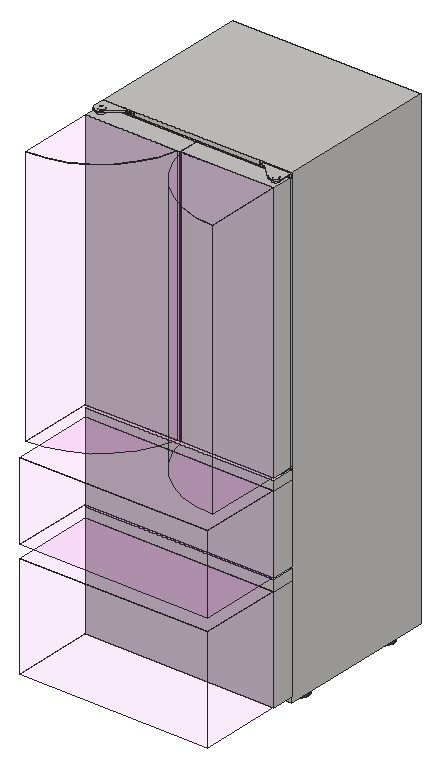
Revit family "QF_Summit_FDRD152PL_French_Door_Refrigerator", category Specialty Equipment, Revit 2020
Family settings
  Round Connector Dimension = Use Diameter
  Part Type = Normal
  Work Plane-Based = No
  Always vertical = Yes
  Cut with Voids When Loaded = No
  Shared = No
  Room Calculation Point = No
Parameters
  Weight in Pounds = 189
  Watts = Volts * FL Amps  # 195.5 W
  Volts = 115 V
  URL Cutsheet = ""
  Specification by User = ""
  Specification by Manufacturer = ""
  Show Clearance [instance] = yes
  Serial Number = ""
  Seismic Rating = ""
  SMACNA No = ""
  Revision Code = ""
  Refrigerant Volume = 0.00 kip
  Refrigerant Type = "R600a"
  Phase = 1
  Number of Poles = 1
  NAFEM Spec ID Number = ""
  Model = "FDRD152PL"
  Min Ckt Ampacity = 0 A
  Max Overcurrent Protection = 0 A
  Masterspec = ""
  Manufacturer = "Summit"
  Length = 27 1/2"
  Item Number = ""
  Installed By = ""
  Identify Quantity as Lot = yes
  Height = 70 5/8"
  HP = ""
  Furnished By = ""
  Foodservice Equipment Identifier = yes
  FL Amps = 1.7 A
  Electrical Remarks = ""
  Electric Connection Type = ""
  Elec Conn RI Height = 0"
  Elec Conn Connection Height = 0"
  Description = "French Door Refrigerator"
  Depth = 26.88"
  Default Elevation = 0"
  Cycle = 60 Hz
  Conn Plug = ""
  Conn Conduit = yes
  CSI MasterFormat = ""
  BTUH = 0.0 Btu/h
  Apparent Power = 0 VA
Reference planes (in)
  plane 1 "BACK": y = 0
  plane 2: z = 0
  plane 3 "LEFT": x = 0
  plane 4 "RIGHT": x = 27.5
  plane 5 "FRONT": y = -26.88
  plane 6 "TOP": z = 70.625
  plane 7 "Center Y": x = 13.75
  plane 8 "Center X": y = -13.44
Dimensions and locks (in)
  equal spacing: plane 3 "LEFT", plane 7 "Center Y", plane 4 "RIGHT"
  "Length": plane 3 "LEFT" to plane 4 "RIGHT"
  equal spacing: plane 5 "FRONT", plane 8 "Center X", plane 1 "BACK"
  "Depth": plane 5 "FRONT" to plane 1 "BACK"
  "Height": plane 6 "TOP" to level
  plane 1 "BACK" to nested 1 = 23 5/8"
  aligned and locked: level to plane 2
Nested families (in)
  nested 1: "FDRD152PL" at (0, 0, 0), Show Clearance <- "Show Clearance", type "FDRD152PL"
    with Show Clearance yes
Connectors (in)
  electrical at (19.00492, 0.03125, 2.15756), driven by "Volts", driven by "Watts"
    settings: on nested 1, index 1, voltage 115 V, apparent load 195.5 VA, apparent load phase1 0 VA, apparent load phase2 0 VA, apparent load phase3 0 VA, power factor 1, load classification "Other", number of poles 1, system type 30, power factor state 1, is connector primary yes, connector utility no, sub classification motor no, connector description "ELECTRICAL CONNECTION"
Definition of nested family "FDRD152PL"
  Parameters (values of type "FDRD152PL")
    Weight in Pounds = 0
    URL Cutsheet = ""
    Specification by User = ""
    Specification by Manufacturer = ""
    Show Clearance [instance] = yes
    Serial Number = ""
    Seismic Rating = ""
    SMACNA No = ""
    Revision Code = ""
    NAFEM Spec ID Number = ""
    Masterspec = ""
    Length = 27 1/2"
    Item Number = ""
    Installed By = ""
    Identify Quantity as Lot = yes
    Height = 70 5/8"
    Furnished By = ""
    Foodservice Equipment Identifier = yes
    Depth = 26.88"
    Default Elevation = 0"
    CSI MasterFormat = ""
  Reference planes (in)
    plane 1 "BACK": y = 0
    plane 2: z = 0
    plane 3 "LEFT": x = 0
    plane 4 "RIGHT": x = 27.5
    plane 5 "FRONT": y = -26.88
    plane 6 "TOP": z = 70.625
    plane 7 "Center Y": x = 13.75
    plane 8 "Center X": y = -13.44
  Forms (in)
    Extrusion 1, solid
      sketch origin (0, -180, 70.04106) x (0, -1, 0) y (-1, 0, 0)
        loop
          line (-156.14277, 0) -> (-156.14277, -13.74484) -> (-153.12, -13.74484) -> (-153.12, 0) -> (-156.14277, 0)
      from 0 to 38.04106
    Extrusion 2, solid
      sketch origin (0, -180, 70.59375) x (-1, 0, 0) y (0, -1, 0)
        loop
          line (0, -156.375) -> (0, -154.70583)
          arc (0, -154.70583) -> (-0.59599, -153.81386) -> (-1.64814, -154.02314) r 0.96546
          line (-1.64814, -154.02314) -> (-3.51777, -155.89277) -> (-4.11212, -155.89277)
          arc (-4.11212, -155.89277) -> (-4.3422, -155.98807) -> (-4.4375, -156.21815) r 0.32538
          line (-4.4375, -156.21815) -> (-4.4375, -156.375) -> (0, -156.375)
        loop
          line (-27.5, -156.375) -> (-23.0625, -156.375) -> (-23.0625, -156.21815)
          arc (-23.0625, -156.21815) -> (-23.1578, -155.98807) -> (-23.38788, -155.89277) r 0.32538
          line (-23.38788, -155.89277) -> (-23.98223, -155.89277) -> (-25.85186, -154.02314)
          arc (-25.85186, -154.02314) -> (-26.90401, -153.81386) -> (-27.5, -154.70583) r 0.96546
          line (-27.5, -154.70583) -> (-27.5, -156.375)
      from 0 to -0.0539
    Extrusion 3, solid
      sketch origin (28.63697, -23.625, 2.25) x (-1, 0, 0) y (0, 0, -1)
        loop
          line (28.63697, -68.34375) -> (28.63697, -67.79106) -> (24.19947, -67.79106) -> (24.19947, -68.34375) -> (28.63697, -68.34375)
        loop
          line (1.13697, -68.34375) -> (5.57447, -68.34375) -> (5.57447, -67.79106) -> (1.13697, -67.79106) -> (1.13697, -68.34375)
      from 0 to 0.03403
    Extrusion 4, solid
      sketch origin (0, -180, 70.59375) x (-1, 0, 0) y (0, -1, 0)
        loop
          circle (-0.96546, -154.70583) r 0.5
        loop
          circle (-26.53454, -154.70583) r 0.5
      from -0.0539 to -0.55269
    Extrusion 5, solid
      sketch origin (28.63697, -23.625, 1.125) x (-1, 0, 0) y (0, 0, -1)
        loop
          line (28.63697, -29.25) -> (28.63697, -17.75) -> (1.13697, -17.75) -> (1.13697, -29.25) -> (28.63697, -29.25)
      from 0 to 3.25
    Extrusion 6, solid
      sketch origin (28.63697, -23.625, 0.875) x (-1, 0, 0) y (0, 0, -1)
        loop
          line (28.63697, -16.25) -> (28.63697, -0.97456) -> (1.13697, -0.97456) -> (1.13697, -16.25) -> (28.63697, -16.25)
      from 0 to 3.25
    Extrusion 7, solid
      sketch origin (28.63697, -23.625, 1.125) x (-1, 0, 0) y (0, 0, -1)
        loop
          line (1.13697, -30.875) -> (5.62676, -30.875)
          arc (5.62676, -30.875) -> (5.52997, -30.64133) -> (5.29631, -30.54454) r 0.33046
          line (5.29631, -30.54454) -> (1.13697, -30.54454) -> (1.13697, -30.875)
        loop
          line (28.63697, -30.875) -> (28.63697, -30.54454) -> (24.47764, -30.54454)
          arc (24.47764, -30.54454) -> (24.24397, -30.64133) -> (24.14718, -30.875) r 0.33046
          line (24.14718, -30.875) -> (28.63697, -30.875)
      from 0 to 0.05681
    Extrusion 8, solid
      sketch origin (0, -180, 32) x (-1, 0, 0) y (0, -1, 0)
        loop
          line (0, -156.375) -> (0, -154.70583)
          arc (0, -154.70583) -> (-0.59599, -153.81386) -> (-1.64814, -154.02314) r 0.96546
          line (-1.64814, -154.02314) -> (-3.51777, -155.89277) -> (-4.11212, -155.89277)
          arc (-4.11212, -155.89277) -> (-4.3422, -155.98807) -> (-4.4375, -156.21815) r 0.32538
          line (-4.4375, -156.21815) -> (-4.4375, -156.375) -> (0, -156.375)
        loop
          line (-27.5, -156.375) -> (-23.0625, -156.375) -> (-23.0625, -156.21815)
          arc (-23.0625, -156.21815) -> (-23.1578, -155.98807) -> (-23.38788, -155.89277) r 0.32538
          line (-23.38788, -155.89277) -> (-23.98223, -155.89277) -> (-25.85186, -154.02314)
          arc (-25.85186, -154.02314) -> (-26.90401, -153.81386) -> (-27.5, -154.70583) r 0.96546
          line (-27.5, -154.70583) -> (-27.5, -156.375)
      from 0 to -0.0539
    Extrusion 9, solid
      sketch origin (0, -180, 31.9461) x (0, -1, 0) y (-1, 0, 0)
        loop
          circle (-154.70583, -0.96546) r 0.5
        loop
          circle (-154.70583, -26.53454) r 0.5
      from 0 to 0.27656
    Extrusion 10, solid
      sketch origin (28.63697, -23.625, 1.125) x (-1, 0, 0) y (0, 0, -1)
        loop
          line (28.63697, -30.5) -> (28.63697, -29.25) -> (1.13697, -29.25) -> (1.13697, -30.5) -> (28.63697, -30.5)
      from 0 to 3.255
    Extrusion 11, solid
      sketch origin (28.63697, -23.625, -11.875) x (-1, 0, 0) y (0, 0, -1)
        loop
          line (28.63697, -30.5) -> (28.63697, -29) -> (1.13697, -29) -> (1.13697, -30.5) -> (28.63697, -30.5)
      from 0 to 3.25
    Extrusion 12, solid
      sketch origin (0, -179.76777, 70.04106) x (0, -1, 0) y (-1, 0, 0)
        loop
          line (-156.14277, 0) -> (-156.14277, -13.74484) -> (-155.91053, -13.74484) -> (-155.91053, 0) -> (-156.14277, 0)
      from 0 to 38.04106
    Extrusion 13, solid, visible <- "Show Clearance"
      sketch origin (28.63697, -23.625, 1.125) x (-1, 0, 0) y (0, 0, -1)
        loop
          line (28.63697, -29.25) -> (28.63697, -17.75) -> (1.13697, -17.75) -> (1.13697, -29.25) -> (28.63697, -29.25)
      from 3.25 to 15.375
    Extrusion 14, solid, visible <- "Show Clearance"
      sketch origin (28.63697, -23.625, 0.875) x (-1, 0, 0) y (0, 0, -1)
        loop
          line (28.63697, -16.25) -> (28.63697, -0.97456) -> (1.13697, -0.97456) -> (1.13697, -16.25) -> (28.63697, -16.25)
      from 3.25 to 15.375
    Extrusion 15, solid
      sketch origin (27.5, -180, 70.04106) x (0, 1, 0) y (1, 0, 0)
        loop
          line (156.14277, 0) -> (153.12, 0) -> (153.12, -13.74484) -> (156.14277, -13.74484) -> (156.14277, 0)
      from 0 to 38.04106
    Extrusion 16, solid
      sketch origin (27.5, -179.76777, 70.04106) x (0, 1, 0) y (1, 0, 0)
        loop
          line (156.14277, 0) -> (155.91053, 0) -> (155.91053, -13.74484) -> (156.14277, -13.74484) -> (156.14277, 0)
      from 0 to 38.04106
    Extrusion 17, solid, visible <- "Show Clearance"
      sketch origin (0, -180, 70.04106) x (0, -1, 0) y (1, 0, 0)
        loop
          line (-153.12, 0) -> (-141.995, 0)
          arc (-141.995, 0) -> (-145.13472, 8.74548) -> (-153.12, 13.49698) r 13.74984
          line (-153.12, 13.49698) -> (-153.12, 0)
      from 0 to -38.04106
    Extrusion 18, solid, visible <- "Show Clearance"
      sketch origin (0, -180, 70.04106) x (0, -1, 0) y (1, 0, 0)
        loop
          line (-153.12, 27.5) -> (-153.12, 14.00406)
          arc (-153.12, 14.00406) -> (-145.13476, 18.75491) -> (-141.995, 27.5) r 13.74859
          line (-141.995, 27.5) -> (-153.12, 27.5)
      from 0 to -38.04106
    Revolve 19, solid
      sketch origin (-240, -4, 7.11526) x (0, 0, 1) y (-1, 0, 0)
        loop
          line (-5.99026, -242) -> (-7.11526, -242) -> (-7.11526, -243.25) -> (-6.36526, -243.25) -> (-6.36526, -242.75) -> (-5.99026, -242.75) -> (-5.99026, -242)
        axis (-7.11526, -242) -> (-5.99026, -242)
      angle from 0 to 360
    Revolve 20, solid
      sketch origin (-240, -4, 7.11526) x (0, 0, 1) y (-1, 0, 0)
        loop
          line (-5.99026, -265.5) -> (-5.99026, -264.75) -> (-6.36526, -264.75) -> (-6.36526, -264.25) -> (-7.11526, -264.25) -> (-7.11526, -265.5) -> (-5.99026, -265.5)
        axis (-7.11526, -265.5) -> (-5.99026, -265.5)
      angle from 0 to 360
    Revolve 21, solid
      sketch origin (-240, -19.625, 7.11526) x (0, 0, 1) y (-1, 0, 0)
        loop
          line (-5.99026, -242) -> (-7.11526, -242) -> (-7.11526, -243.25) -> (-6.36526, -243.25) -> (-6.36526, -242.75) -> (-5.99026, -242.75) -> (-5.99026, -242)
        axis (-7.11526, -242) -> (-5.99026, -242)
      angle from 0 to 360
    Revolve 22, solid
      sketch origin (-240, -19.625, 7.11526) x (0, 0, 1) y (-1, 0, 0)
        loop
          line (-5.99026, -265.5) -> (-5.99026, -264.75) -> (-6.36526, -264.75) -> (-6.36526, -264.25) -> (-7.11526, -264.25) -> (-7.11526, -265.5) -> (-5.99026, -265.5)
        axis (-7.11526, -265.5) -> (-5.99026, -265.5)
      angle from 0 to 360
    Extrusion 23, solid
      sketch origin (0, 0, 0) x (1, 0, 0) y (0, 0, 1)
        loop
          circle (19.00492, 2.15756) r 0.25
      from 0 to -0.03125
    Extrusion 24, solid
      sketch origin (-7.80271, -180, 0) x (-1, 0, 0) y (0, -1, 0)
        loop
          line (-7.80271, -180) -> (-7.80271, -156.375) -> (-35.30271, -156.375) -> (-35.30271, -180) -> (-7.80271, -180)
      from 1.125 to 70.625
  Cuts and joins
    joined: Extrusion 2, Extrusion 3
  Lines and regions (in)
    symbolic lines, visible <- "Show Clearance"
      curve 1: arc (12.16686, -30.64954, 70.59375) -> (13.41652, -27.24141, 70.59375) -> (13.73039, -23.625, 70.59375) r 13.74484
      curve 2: line (0, -23.625, 70.59375) -> (12.16686, -30.64954, 70.59375)
      curve 3: line (27.5, -23.625, 70.59375) -> (15.32938, -30.65171, 70.59375)
      curve 4: line (0, -23.625, 70.59375) -> (0, -39, 70.59375)
      curve 5: line (0, -39, 70.59375) -> (27.5, -39, 70.59375)
      curve 6: line (27.5, -39, 70.59375) -> (27.5, -23.625, 70.59375)
    symbolic lines
      curve 7: line (13.74484, -26.88, 70.59375) -> (13.74484, -23.85723, 70.59375)
      curve 8: line (13.74484, -23.85723, 70.59375) -> (4.42865, -23.85723, 70.59375)
      curve 9: line (0, -23.85723, 70.59375) -> (0, -26.88, 70.59375)
      curve 10: line (0, -26.88, 70.59375) -> (13.74484, -26.88, 70.59375)
      curve 11: line (13.75516, -23.85723, 70.59375) -> (13.75516, -26.88, 70.59375)
      curve 12: line (13.75516, -26.88, 70.59375) -> (27.5, -26.88, 70.59375)
      curve 13: line (27.5, -26.88, 70.59375) -> (27.5, -23.85723, 70.59375)
      curve 14: line (23.07135, -23.85723, 70.59375) -> (13.75516, -23.85723, 70.59375)
      curve 15: line (1.64814, -25.97686, 70.59375) -> (3.51777, -24.10723, 70.59375)
      curve 16: line (3.51777, -24.10723, 70.59375) -> (4.11212, -24.10723, 70.59375)
      curve 17: arc (4.11212, -24.10723, 70.59375) -> (4.3422, -24.01193, 70.59375) -> (4.4375, -23.78185, 70.59375) r 0.32538
      curve 18: line (4.4375, -23.78185, 70.59375) -> (4.4375, -23.625, 70.59375)
      curve 19: line (0, -23.625, 70.59375) -> (0, -25.29417, 70.59375)
      curve 20: arc (0, -25.29417, 70.59375) -> (0.59599, -26.18614, 70.59375) -> (1.64814, -25.97686, 70.59375) r 0.96546
      curve 21: line (23.98223, -24.10723, 70.59375) -> (25.85186, -25.97686, 70.59375)
      curve 22: arc (25.85186, -25.97686, 70.59375) -> (26.90401, -26.18614, 70.59375) -> (27.5, -25.29417, 70.59375) r 0.96546
      curve 23: line (27.5, -25.29417, 70.59375) -> (27.5, -23.625, 70.59375)
      curve 24: line (27.5, -23.625, 70.59375) -> (0, -23.625, 70.59375)
      curve 25: line (23.0625, -23.625, 70.59375) -> (23.0625, -23.78185, 70.59375)
      curve 26: arc (23.0625, -23.78185, 70.59375) -> (23.1578, -24.01193, 70.59375) -> (23.38788, -24.10723, 70.59375) r 0.32538
      curve 27: line (23.38788, -24.10723, 70.59375) -> (23.98223, -24.10723, 70.59375)
      curve 28: line (0, 0, 70.59375) -> (0, -23.625, 70.59375)
      curve 29: line (27.5, -23.625, 70.59375) -> (27.5, 0, 70.59375)
      curve 30: line (27.5, 0, 70.59375) -> (0, 0, 70.59375)
      curve 31: arc (13.76592, -23.625, 69.46875) -> (14.0796, -27.2425, 69.46875) -> (15.32938, -30.65171, 69.46875) r 13.74859
  Dimensions and locks (in)
    equal spacing: plane 3 "LEFT", plane 7 "Center Y", plane 4 "RIGHT"
    "Length": plane 3 "LEFT" to plane 4 "RIGHT"
    equal spacing: plane 5 "FRONT", plane 8 "Center X", plane 1 "BACK"
    "Depth": plane 5 "FRONT" to plane 1 "BACK"
    "Height": plane 6 "TOP" to level
    aligned and locked: level to plane 2
  Automatic sketch dimensions
    Extrusion 2 sketch curve to plane 4 "RIGHT" = 0"
    Extrusion 2 sketch curve to plane 3 "LEFT" = 0"
    Extrusion 2 sketch curve to Extrusion 2 sketch curve = 0.96546"  (x2)
    Extrusion 2 sketch curve to plane 5 "FRONT" = 0.90314"
    Extrusion 2 sketch curve to Extrusion 2 sketch curve = 0.68268"
    Extrusion 2 sketch curve to Extrusion 2 sketch curve = 1.86962"  (x2)
    Extrusion 2 sketch curve to Extrusion 2 sketch curve = 0.59435"  (x2)
    Extrusion 2 sketch curve to Extrusion 2 sketch curve = 0.32538"  (x2)
    Extrusion 2 sketch curve to Extrusion 2 sketch curve = 4 7/16"
    plane 3 "LEFT" to Extrusion 2 sketch curve = 1.64814"
    Extrusion 2 sketch curve to plane 5 "FRONT" = 1.58583"
    Extrusion 2 sketch curve to plane 5 "FRONT" = 2.77277"
    Extrusion 2 sketch curve to Extrusion 2 sketch curve = 0.15685"
    Extrusion 2 sketch curve to Extrusion 2 sketch curve = 1.66917"
    Extrusion 3 sketch curve to Extrusion 3 sketch curve = 4 7/16"  (x2)
    Extrusion 3 sketch curve to Extrusion 3 sketch curve = 0.55269"  (x2)
    Extrusion 5 sketch curve to Extrusion 5 sketch curve = 11 1/2"
    Extrusion 7 sketch curve to Extrusion 7 sketch curve = 4.15933"
    Extrusion 7 sketch curve to Extrusion 7 sketch curve = 0.33046"  (x2)
    Extrusion 7 sketch curve to Extrusion 7 sketch curve = 4.48979"
    Extrusion 7 sketch curve to Extrusion 7 sketch curve = 0"
    Extrusion 8 sketch curve to plane 4 "RIGHT" = 0"
    Extrusion 8 sketch curve to plane 3 "LEFT" = 0"
    Extrusion 8 sketch curve to Extrusion 8 sketch curve = 0.96546"  (x2)
    Extrusion 8 sketch curve to plane 5 "FRONT" = 0.90314"
    Extrusion 8 sketch curve to Extrusion 8 sketch curve = 0.68268"
    Extrusion 8 sketch curve to Extrusion 8 sketch curve = 1.86962"  (x2)
    Extrusion 8 sketch curve to Extrusion 8 sketch curve = 0.59435"  (x2)
    Extrusion 8 sketch curve to Extrusion 8 sketch curve = 0.32538"  (x2)
    Extrusion 8 sketch curve to Extrusion 8 sketch curve = 4 7/16"
    plane 3 "LEFT" to Extrusion 8 sketch curve = 1.64814"
    Extrusion 8 sketch curve to plane 5 "FRONT" = 1.58583"
    Extrusion 8 sketch curve to plane 5 "FRONT" = 2.77277"
    Extrusion 8 sketch curve to Extrusion 8 sketch curve = 0.15685"
    Extrusion 8 sketch curve to Extrusion 8 sketch curve = 1.66917"
    Extrusion 10 sketch curve to Extrusion 10 sketch curve = 1 1/4"
    Extrusion 11 sketch curve to Extrusion 11 sketch curve = 1 1/2"
    Extrusion 12 sketch curve to Extrusion 12 sketch curve = 0.23223"
    Extrusion 12 sketch curve to Extrusion 12 sketch curve = 13.74484"
    Extrusion 13 sketch curve to Extrusion 13 sketch curve = 11 1/2"
    Extrusion 16 sketch curve to Extrusion 16 sketch curve = 0.23223"
    Extrusion 16 sketch curve to Extrusion 16 sketch curve = 13.74484"
    Extrusion 17 sketch curve to Extrusion 1 = 0.39793"
    Revolve 19 sketch curve to level = 0"  (x2)
    Revolve 19 sketch curve to level = 3/4"
    Revolve 19 sketch curve to Revolve 19 sketch curve = 3/8"
    Revolve 19 sketch curve to plane 3 "LEFT" = 3 1/4"
    Revolve 19 sketch curve to Revolve 19 sketch curve = 1/2"
    Revolve 19 sketch curve to Revolve 19 sketch curve = 3/4"
    Revolve 19 sketch curve to Revolve 19 sketch curve = 9/16"
    Revolve 19 sketch curve to Revolve 19 sketch curve = 0"
    Revolve 20 sketch curve to level = 0"  (x2)
    Revolve 20 sketch curve to level = 3/4"
    Revolve 20 sketch curve to Revolve 20 sketch curve = 3/8"
    Revolve 20 sketch curve to plane 4 "RIGHT" = 2"
    Revolve 20 sketch curve to Revolve 20 sketch curve = 3/4"
    Revolve 20 sketch curve to Revolve 20 sketch curve = 1/2"
    Revolve 20 sketch curve to Revolve 20 sketch curve = 9/16"
    Revolve 20 sketch curve to Revolve 20 sketch curve = 0"
    Revolve 21 sketch curve to level = 0"  (x2)
    level to Revolve 21 sketch curve = 3/4"
    Revolve 21 sketch curve to Revolve 21 sketch curve = 3/8"
    plane 3 "LEFT" to Revolve 21 sketch curve = 3 1/4"
    Revolve 21 sketch curve to Revolve 21 sketch curve = 1/2"
    Revolve 21 sketch curve to Revolve 21 sketch curve = 3/4"
    Revolve 21 sketch curve to Revolve 21 sketch curve = 9/16"
    Revolve 21 sketch curve to Revolve 21 sketch curve = 0"
    Revolve 22 sketch curve to level = 0"  (x2)
    level to Revolve 22 sketch curve = 3/4"
    Revolve 22 sketch curve to Revolve 22 sketch curve = 3/8"
    plane 4 "RIGHT" to Revolve 22 sketch curve = 2"
    Revolve 22 sketch curve to Revolve 22 sketch curve = 3/4"
    Revolve 22 sketch curve to Revolve 22 sketch curve = 1/2"
    Revolve 22 sketch curve to Revolve 22 sketch curve = 9/16"
    Revolve 22 sketch curve to Revolve 22 sketch curve = 0"
    level to Extrusion 23 sketch curve = 2.15756"
    Extrusion 1 sketch curve to Extrusion 1 sketch curve = 3.02277"
    Extrusion 1 sketch curve to Extrusion 1 sketch curve = 13.74484"
    curve 13 to Extrusion 2 = 0"
    curve 21 to Extrusion 2 = 0"
    Extrusion 2 to curve 15 = 0"
    curve 1 to Extrusion 2 = 0"
    curve 10 to Extrusion 2 = 0"
    curve 22 to curve 21 = 0.68268"
    Extrusion 2 to curve 3 = 7.73312"
    curve 14 to Extrusion 2 = 0.23223"
    curve 3 to curve 14 = 1 147/256"
    curve 11 to curve 10 = 0.01032"
    curve 3 to curve 2 = 3.16252"
    curve 15 to curve 20 = 0.68268"
    curve 29 to curve 3 = 23 5/8"
    curve 8 to curve 11 = 0"
    Extrusion 2 to curve 1 = 0.14793"
    Extrusion 2 to curve 12 = 2.77277"
    curve 19 to curve 10 = 1.58583"
    curve 7 to curve 2 = 3 197/256"
    curve 2 to curve 3 = 0.00217"
    curve 12 to curve 6 = 12.12"
    curve 9 to Extrusion 2 = 0.23223"
    curve 13 to Extrusion 2 = 0.23223"
    Extrusion 15 sketch curve to Extrusion 15 sketch curve = 3.02277"
    Extrusion 15 sketch curve to Extrusion 15 sketch curve = 13.74484"
    Extrusion 18 sketch curve to Extrusion 1 = 0.39917"
    Extrusion 1 to Extrusion 18 sketch curve = 11 1/8"
    Extrusion 2 to curve 1 = 0"
    curve 31 to plane 4 "RIGHT" = 0"
    curve 31 to plane 5 "FRONT" = 2.62359"
    plane 7 "Center Y" to curve 31 = 1.57938"
    plane 7 "Center Y" to curve 31 = 0.01592"
    curve 31 to plane 5 "FRONT" = 3.255"
    plane 7 "Center Y" to Extrusion 23 sketch curve = 5.25492"
    plane 4 "RIGHT" to Extrusion 3 sketch curve = 0"
    Extrusion 3 sketch curve to plane 3 "LEFT" = 0"
    Extrusion 3 sketch curve to plane 6 "TOP" = 1/32"  (x2)
    plane 4 "RIGHT" to Extrusion 5 sketch curve = 0"
    Extrusion 5 sketch curve to plane 3 "LEFT" = 0"
    level to Extrusion 5 sketch curve = 30 3/8"
    plane 4 "RIGHT" to Extrusion 6 sketch curve = 0"
    Extrusion 6 sketch curve to plane 3 "LEFT" = 0"
    level to Extrusion 6 sketch curve = 17 1/8"
    level to Extrusion 6 sketch curve = 1.84956"
    plane 4 "RIGHT" to Extrusion 7 sketch curve = 0"
    Extrusion 7 sketch curve to plane 3 "LEFT" = 0"
    level to Extrusion 7 sketch curve = 32"
    plane 4 "RIGHT" to Extrusion 10 sketch curve = 0"
    Extrusion 10 sketch curve to plane 3 "LEFT" = 0"
    level to Extrusion 10 sketch curve = 31 5/8"
    plane 4 "RIGHT" to Extrusion 11 sketch curve = 0"
    Extrusion 11 sketch curve to plane 3 "LEFT" = 0"
    level to Extrusion 11 sketch curve = 18 5/8"
    plane 4 "RIGHT" to Extrusion 13 sketch curve = 0"
    Extrusion 13 sketch curve to plane 3 "LEFT" = 0"
    level to Extrusion 13 sketch curve = 30 3/8"
    plane 4 "RIGHT" to Extrusion 14 sketch curve = 0"
    Extrusion 14 sketch curve to plane 3 "LEFT" = 0"
    level to Extrusion 14 sketch curve = 17 1/8"
    level to Extrusion 14 sketch curve = 1.84956"
    plane 1 "BACK" to Extrusion 24 sketch curve = 0"
    Extrusion 24 sketch curve to plane 4 "RIGHT" = 0"
    Extrusion 24 sketch curve to plane 3 "LEFT" = 0"
    Extrusion 24 sketch curve to plane 5 "FRONT" = 3.255"
    Extrusion 1 to Extrusion 18 sketch curve = 0.25921"
    Extrusion 1 to Extrusion 18 sketch curve = 0"
    Extrusion 17 sketch curve to Extrusion 1 = 0.24787"
    Extrusion 17 sketch curve to Extrusion 1 = 0"
    Extrusion 1 to Extrusion 17 sketch curve = 0"
    radius of Extrusion 4 sketch curve to Extrusion 2 = 0.46546"  (x2)
    radius of Extrusion 9 sketch curve to Extrusion 8 = 0.46546"  (x2)
    radius of Extrusion 23 sketch curve = 1/4"
    radius of curve 17 to Extrusion 2 = 0"
    radius of curve 20 to Extrusion 2 = 0"
    radius of curve 22 to Extrusion 2 = 0"
    radius of curve 26 to Extrusion 2 = 0"
